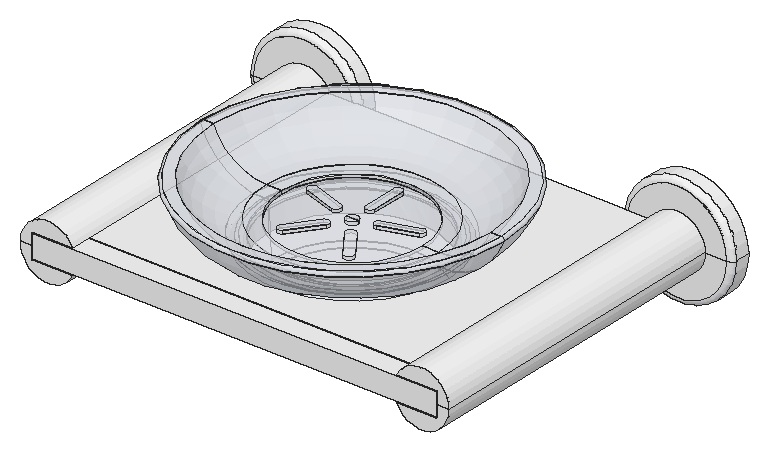
Revit family "Reece_Accessory_Mizu_Drift_Soap Dish", category Plumbing Fixtures, Revit 2018
Family settings
  Round Connector Dimension = Use Diameter
  Part Type = Normal
  Work Plane-Based = Yes
  Always vertical = Yes
  Cut with Voids When Loaded = Yes
  Shared = Yes
  Room Calculation Point = Yes
Parameters (values of type "Chrome")
  URL = "https://www.reece.com.au/product/-2202024"
  Type Comments = "Accessory"
  Reece_Product_Web Page = "https://www.reece.com.au/product/-2202024"
  Reece_Product_Type = "Accessory"
  Reece_Product_Sub Brand = "Drift"
  Reece_Product_Number = "2202024"
  Reece_Product_Mount = "Wall Mounted"
  Reece_Product_Description = "Mizu Drift Soap Dish Chrome"
  Reece_Product_Brand = "Mizu"
  Reece_Overall_Length = 174.2 mm  # constant formula
  Reece_Material_Secondary = Reece_Safety Glass_Transparent
  Reece_Material_Main = Reece_Brass_Chrome
  Reece_Fixing Point Distance = 134.2 mm  # constant formula
  Reece_Detail_Shape = ""
  Reece_Detail_Installation = ""
  Reece_Detail_Disclaimer = "THIS FILE IS THE PROPERTY OF THE REECE GROUP. IT MAY NOT BE REPRODUCED, REVERSE-ENGINEERED OR MODIFIED. ANY REPUBLICATION, TRANSMISSION OR DISTRIBUTION FOR THE PURPOSE OF COMMERCIALLY EXPLOITING THE FILES IS PROHIBITED."  # constant formula
  Reece_Detail_Connector = ""
  Reece_Detail_Additional = ""
  Reece_Backplate Radius = 20 mm  # constant formula
  Reece_Accessory_Projection = 122 mm  # constant formula
  Model = "Drift"
  Manufacturer = "Mizu"
  Keynote = "Product #2202024, Reece_Accessory_Mizu_Drift_Soap Dish - Chrome"
  Disclaimer = "THIS FILE IS THE PROPERTY OF THE REECE GROUP. IT MAY NOT BE REPRODUCED, REVERSE-ENGINEERED OR MODIFIED. ANY REPUBLICATION, TRANSMISSION OR DISTRIBUTION FOR THE PURPOSE OF COMMERCIALLY EXPLOITING THE FILES IS PROHIBITED."  # constant formula
  Description = "Soap Dish"
  Default Elevation = 1000 mm
Reference planes
  plane 1 "Center (Front/Back)": y = 0
  plane 2 "Bottom Host Plane": z = 0
  plane 3 "Center (Left/Right)": x = 0
  plane 4: x = -67.1
  plane 5: x = 67.1
Forms (mm)
  Revolve 1, solid, material "Reece_Brass_Chrome" <- "Reece_Material_Main"
    sketch origin (720, 0, -4) x (1, 0, 0) y (0, 1, 0)
      loop
        line (-652.9, 0) -> (-652.9, -122) -> (-642.9, -122) -> (-642.9, -7) -> (-634.9, -7)
        arc (-634.9, -7) -> (-633.486, -6.414) -> (-632.9, -5) r 2
        line (-632.9, -5) -> (-632.9, 0) -> (-652.9, 0)
      axis (-652.9, 0) -> (-652.9, -122)
    angle from 0 to 360
  Extrusion 2, solid, material "Reece_Brass_Chrome" <- "Reece_Material_Main"
    sketch origin (97.81, 0, -4) x (0, 1, 0) y (0, 0, 1)
      loop
        line (-122, 4) -> (-122, -4) -> (-114, -4) -> (-114, 4) -> (-122, 4)
    from -170.41 to -25.21
  Extrusion 3, solid, material "Reece_Brass_Chrome" <- "Reece_Material_Main"
    sketch origin (0, 0, -4) x (0, 1, 0) y (0, 0, 1)
      loop
        line (-114, 4) -> (-114, -4) -> (-7, -4) -> (-7, 4) -> (-114, 4)
    from -72.6 to 72.6
  Revolve 4, solid, material "Reece_Brass_Chrome" <- "Reece_Material_Main"
    sketch origin (-720, 0, -4) x (-1, 0, 0) y (0, -1, 0)
      loop
        line (-652.9, 0) -> (-632.9, 0) -> (-632.9, 5)
        arc (-632.9, 5) -> (-633.486, 6.414) -> (-634.9, 7) r 2
        line (-634.9, 7) -> (-642.9, 7) -> (-642.9, 122) -> (-652.9, 122) -> (-652.9, 0)
      axis (-652.9, 0) -> (-652.9, 122)
    angle from 0 to 360
  Extrusion 5, void
    sketch origin (0, 0, -4) x (1, 0, 0) y (0, 0, 1)
      loop
        line (73.1, 4.5) -> (43.1, 4.5) -> (43.1, -4.5) -> (73.1, -4.5) -> (73.1, 4.5)
      loop
        line (-73.1, 4.5) -> (-73.1, -4.5) -> (-43.1, -4.5) -> (-43.1, 4.5) -> (-73.1, 4.5)
    from 7.2 to 122 <- "Reece_Accessory_Projection"
  Revolve 6, solid, material "Reece_Safety Glass_Transparent" <- "Reece_Material_Secondary"
    sketch origin (0, -69, 0) x (1, 0, 0) y (0, 0, 1)
      loop
        arc (49.735, 20.146) -> (42.402, 10.715) -> (31, 7.146) r 20
        line (31, 7.146) -> (0, 7.146) -> (0, -17.854) -> (27.501, -17.854)
        arc (27.501, -17.854) -> (28.54, -17.436) -> (29, -16.414) r 1.5
        line (29, -16.414) -> (29.663, 0) -> (34.99, 0) -> (33.218, 1.379)
        arc (33.218, 1.379) -> (32.639, 1.692) -> (31.99, 1.8) r 2
        line (31.99, 1.8) -> (29.736, 1.8) -> (29.768, 2.6) -> (35.742, 2.6)
        arc (35.742, 2.6) -> (47.313, 8.202) -> (54.57, 18.813) r 25
        arc (54.57, 18.813) -> (54.444, 19.724) -> (53.628, 20.146) r 1
        line (53.628, 20.146) -> (49.735, 20.146)
      axis (0, 20.146) -> (0, -17.854)
    angle from 0 to 360
  Extrusion 7, void
    sketch origin (0, 0, 0) x (1, 0, 0) y (0, 1, 0)
      loop
        arc (20.215, -64.272) -> (21.067, -62.155) -> (19.133, -60.943) r 1.778
        line (19.133, -60.943) -> (6.999, -64.886)
        arc (6.999, -64.886) -> (6.117, -67.012) -> (8.079, -68.214) r 1.771
        line (8.079, -68.214) -> (20.215, -64.272)
      loop
        circle (0, -69) r 2.167
      loop
        circle (0, -69) r 25.299
      loop
        line (-20.215, -64.272) -> (-8.079, -68.214)
        arc (-8.079, -68.214) -> (-6.117, -67.012) -> (-6.999, -64.886) r 1.771
        line (-6.999, -64.886) -> (-19.133, -60.943)
        arc (-19.133, -60.943) -> (-21.067, -62.155) -> (-20.215, -64.272) r 1.778
      loop
        arc (-13.575, -84.707) -> (-13.02, -86.921) -> (-10.743, -86.764) r 1.778
        line (-10.743, -86.764) -> (-3.244, -76.442)
        arc (-3.244, -76.442) -> (-3.78, -74.204) -> (-6.074, -74.385) r 1.771
        line (-6.074, -74.385) -> (-13.575, -84.707)
      loop
        line (13.575, -84.707) -> (6.074, -74.385)
        arc (6.074, -74.385) -> (3.78, -74.204) -> (3.244, -76.442) r 1.771
        line (3.244, -76.442) -> (10.743, -86.764)
        arc (10.743, -86.764) -> (13.02, -86.921) -> (13.575, -84.707) r 1.778
      loop
        arc (1.75, -48.314) -> (0, -46.849) -> (-1.75, -48.314) r 1.778
        line (-1.75, -48.314) -> (-1.75, -61.073)
        arc (-1.75, -61.073) -> (0, -62.568) -> (1.749, -61.073) r 1.771
        line (1.749, -61.073) -> (1.75, -48.314)
    from 6 to 10
  Revolve 8, void
    sketch origin (0, -69, 0) x (1, 0, 0) y (0, 0, 1)
      loop
        line (0, -17.854) -> (29.943, -17.854) -> (31.478, 20.147) -> (0, 20.147) -> (0, -17.854)
      axis (0, 20.147) -> (0, -17.854)
    angle from 0 to 360
Cuts and joins
  Extrusion 5 cuts Revolve 1
  Extrusion 5 cuts Revolve 4
  Extrusion 7, Revolve 8 cuts Extrusion 3
  Extrusion 7 cuts Revolve 6
Text (mm)
  text "Reece ©" at (2650.679, -2622.999, 2743.135), in view "Reece Preview"
  text "Reece ©" at (480.382, -277.313, -1020.679), in view "Ref. Level"
Dimensions and locks
  "Reece_Fixing Point Distance": plane 4 to plane 5
  equal spacing: plane 4, plane 3 "Center (Left/Right)", plane 5
  locked: plane 2 "Bottom Host Plane" to level
  Extrusion 5 sketch curve to Extrusion 5 sketch curve = 9 mm  (x2)
  locked: Extrusion 5 sketch curve to Extrusion 5 sketch curve at 30  (x2)
  locked: Extrusion 2 sketch curve to Extrusion 2 sketch curve at 8  (x2)
  "Reece_Accessory_Projection": plane 1 "Center (Front/Back)" to Extrusion 2 sketch curve
  locked: Revolve 4 sketch curve to Revolve 4 sketch curve at 10
  "Reece_Backplate Radius": Revolve 4 sketch curve to Revolve 4 sketch curve
  "Reece_Accessory_Projection": Revolve 4 sketch curve to plane 1 "Center (Front/Back)"
  locked: Revolve 1 sketch curve to Revolve 1 sketch curve at 10
  "Reece_Backplate Radius": Revolve 1 sketch curve to Revolve 1 sketch curve
  "Reece_Accessory_Projection": Revolve 1 sketch curve to plane 1 "Center (Front/Back)"
  locked: plane 4 to Extrusion 5 sketch curve at 6
  locked: plane 5 to Extrusion 5 sketch curve at 6
  locked: plane 5 to Extrusion 2 at 5.5
  locked: Extrusion 2 to plane 4 at 5.5
  aligned and locked: Extrusion 3 to Extrusion 2  (x2)
  aligned and locked: Extrusion 2 to Extrusion 3  (x2)
  aligned and locked: level to Extrusion 3
  aligned and locked: Revolve 4 sketch curve to Revolve 4 sketch curve
  aligned and locked: Revolve 1 sketch curve to Revolve 1 sketch curve
  aligned and locked: plane 5 to Revolve 1 sketch curve
Automatic sketch dimensions
  Extrusion 3 sketch curve to level = 0 mm
  Extrusion 3 sketch curve to level = 8 mm
  plane 1 "Center (Front/Back)" to Extrusion 3 sketch curve = 114 mm
  plane 1 "Center (Front/Back)" to Extrusion 3 sketch curve = 7 mm
  Extrusion 5 sketch curve to level = 8.5 mm  (x2)
  level to Extrusion 5 sketch curve = 0.5 mm  (x2)
  Revolve 6 sketch curve to Revolve 6 sketch curve = 0 mm  (x2)
  Revolve 6 sketch curve to plane 3 "Center (Left/Right)" = 0 mm  (x2)
  Revolve 6 sketch curve to level = 0 mm
  Revolve 6 sketch curve to level = 17.854 mm
  plane 3 "Center (Left/Right)" to Revolve 6 sketch curve = 27.501 mm
  Revolve 6 sketch curve to level = 16.414 mm
  Revolve 6 sketch curve to Revolve 6 sketch curve = 1.499 mm
  Revolve 6 sketch curve to Revolve 6 sketch curve = 0.663 mm
  Revolve 6 sketch curve to Revolve 6 sketch curve = 0.073 mm
  Revolve 6 sketch curve to Revolve 6 sketch curve = 0.032 mm
  Revolve 6 sketch curve to Revolve 6 sketch curve = 1.232 mm
  Revolve 6 sketch curve to level = 0.2 mm
  Revolve 6 sketch curve to Revolve 6 sketch curve = 2.327 mm
  level to Revolve 6 sketch curve = 1.379 mm
  Revolve 6 sketch curve to Revolve 6 sketch curve = 1.228 mm
  Revolve 6 sketch curve to Revolve 6 sketch curve = 1.772 mm
  Revolve 6 sketch curve to Revolve 6 sketch curve = 0.752 mm
  plane 5 to Revolve 6 sketch curve = 17.365 mm
  Revolve 6 sketch curve to Revolve 6 sketch curve = 3.892 mm
  level to Revolve 6 sketch curve = 2.6 mm
  level to Revolve 6 sketch curve = 7.146 mm
  level to Revolve 6 sketch curve = 19.146 mm
  Revolve 6 sketch curve to Revolve 6 sketch curve = 1 mm
  Revolve 6 sketch curve to Revolve 6 sketch curve = 771.926 mm
  Revolve 6 sketch curve to Revolve 6 sketch curve = 1322.58 mm
  Extrusion 7 sketch curve to Extrusion 7 sketch curve = 0 mm  (x5)
  Extrusion 7 sketch curve to plane 3 "Center (Left/Right)" = 0 mm  (x2)
  Extrusion 7 sketch curve to plane 3 "Center (Left/Right)" = 1.75 mm  (x2)
  Extrusion 7 sketch curve to plane 3 "Center (Left/Right)" = 3.244 mm
  Extrusion 7 sketch curve to Extrusion 7 sketch curve = 1.578 mm  (x2)
  Extrusion 7 sketch curve to Extrusion 7 sketch curve = 1.253 mm  (x2)
  Extrusion 7 sketch curve to Extrusion 7 sketch curve = 5.249 mm  (x2)
  Extrusion 7 sketch curve to Extrusion 7 sketch curve = 0.803 mm  (x2)
  Extrusion 7 sketch curve to Extrusion 7 sketch curve = 0.278 mm  (x2)
  Extrusion 7 sketch curve to plane 3 "Center (Left/Right)" = 10.743 mm
  Extrusion 7 sketch curve to Extrusion 7 sketch curve = 1.232 mm  (x2)
  Extrusion 7 sketch curve to Extrusion 7 sketch curve = 1.6 mm  (x2)
  Extrusion 7 sketch curve to Extrusion 7 sketch curve = 11.332 mm  (x2)
  Extrusion 7 sketch curve to Extrusion 7 sketch curve = 0.243 mm  (x2)
  Extrusion 7 sketch curve to Extrusion 7 sketch curve = 0.839 mm  (x2)
  plane 3 "Center (Left/Right)" to Extrusion 7 sketch curve = 0 mm
  plane 3 "Center (Left/Right)" to Extrusion 7 sketch curve = 1.749 mm
  plane 3 "Center (Left/Right)" to Extrusion 7 sketch curve = 1.75 mm
  plane 3 "Center (Left/Right)" to Extrusion 7 sketch curve = 3.244 mm
  plane 3 "Center (Left/Right)" to Extrusion 7 sketch curve = 10.743 mm
  plane 1 "Center (Front/Back)" to Extrusion 7 sketch curve = 86.764 mm
  Extrusion 7 sketch curve to Extrusion 7 sketch curve = 1.282 mm  (x2)
  Extrusion 7 sketch curve to Extrusion 7 sketch curve = 9.041 mm
  Extrusion 7 sketch curve to Extrusion 7 sketch curve = 0.805 mm  (x2)
  Extrusion 7 sketch curve to Extrusion 7 sketch curve = 5.385 mm
  Extrusion 7 sketch curve to Extrusion 7 sketch curve = 6.171 mm  (x2)
  Extrusion 7 sketch curve to Extrusion 7 sketch curve = 1.749 mm  (x2)
  Extrusion 7 sketch curve to Extrusion 7 sketch curve = 2.193 mm  (x2)
  Extrusion 7 sketch curve to Extrusion 7 sketch curve = 1.567 mm  (x2)
  Extrusion 7 sketch curve to Extrusion 7 sketch curve = 3.813 mm
  Extrusion 7 sketch curve to Extrusion 7 sketch curve = 12.17 mm
  Extrusion 7 sketch curve to Extrusion 7 sketch curve = 0.313 mm
  Revolve 8 sketch curve to plane 3 "Center (Left/Right)" = 0 mm  (x2)
  plane 3 "Center (Left/Right)" to Revolve 8 sketch curve = 29.943 mm
  Revolve 8 sketch curve to Revolve 8 sketch curve = 771.926 mm
  level to Revolve 8 sketch curve = 20.147 mm
  Revolve 8 sketch curve to Revolve 8 sketch curve = 1.536 mm
  Revolve 8 sketch curve to Revolve 8 sketch curve = 1329.58 mm
  Revolve 8 sketch curve to level = 17.854 mm
  plane 1 "Center (Front/Back)" to Revolve 1 sketch curve = 0 mm  (x2)
  Revolve 1 sketch curve to Revolve 1 sketch curve = 2 mm
  plane 1 "Center (Front/Back)" to Revolve 1 sketch curve = 7 mm
  Revolve 1 sketch curve to Revolve 1 sketch curve = 90 mm
  Extrusion 2 sketch curve to level = 0 mm
  Revolve 4 sketch curve to plane 4 = 0 mm
  plane 1 "Center (Front/Back)" to Revolve 4 sketch curve = 0 mm  (x2)
  Revolve 4 sketch curve to Revolve 4 sketch curve = 2 mm
  Revolve 4 sketch curve to Revolve 4 sketch curve = 5 mm
  Revolve 4 sketch curve to Revolve 4 sketch curve = 90 mm
  radius of Extrusion 7 sketch curve = 2.167 mm
  radius of Extrusion 7 sketch curve = 25.299 mm
